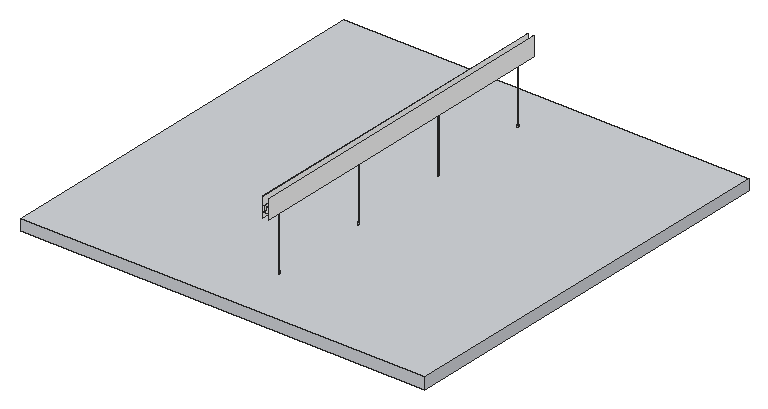
Revit family "Zumtobel SUPERSYSTEM II Track H", category Lighting Fixtures, host Face, Revit 2016
Family settings
  Host = Face
  Part Type = Normal
  Round Connector Dimension = Use Diameter
  OmniClass Number = 23.80.70.11
  OmniClass Title = Luminaries for Internal Lighting
  Cut with Voids When Loaded = No
  Light Source = No
  Shared = No
  Room Calculation Point = No
Parameters (values of type "SUI 3 TRACK H 2M")
  URL = "http://www.zumtobel.com/S2801260"
  Type Comments = "© Zumtobel. We reserve the right to make technical changes without prior notice."  # constant formula
  Track Width = 56.00 mm
  Track Height = 114.00 mm
  Track Distance [instance] = if(Surface Mount, Track Height / 2, Suspension Height - Track Height / 2)  # 370.00 mm
  Suspension Visible [instance] = not(Surface Mount)  # yes
  Suspension Height Value [instance] = if(Surface Mount, 200.00 mm, Suspension Height)  # 427.00 mm
  Suspension Height [instance] = 427.00 mm
  Suspension Distance [instance] = (Length - 200.00 mm) / Number of Suspensions  # 450.00 mm
  Surface Mount [instance] = no
  Number of Suspensions [instance] = 4
  Model = "S2801260"
  Manufacturer = "Zumtobel Lighting"  # constant formula
  Length = 2000.00 mm
  Lamp = ""
  Emit Shape Visible in Rendering = no
  Description = "SUI 3PH/L3+DALI Track"
  Suspension [instance] = Zumtobel_Metal_Aluminium
  Apparent Load = 0 VA
  Default Elevation = 0.00 mm
  Assembly Code = "D5020200"
  Track [instance] = Zumtobel_Metal_White
Types (4, lengths in mm): name | URL | Track Width | Track Height | Track Distance | Suspension Visible | Suspension Height Value | Suspension Height | Suspension Distance | Surface Mount | Model | Length | Description
  SUP2 TRACK H 3M | "http://www.zumtobel.com/22169717" | 26.00 | 60.00 | 470.00 | yes | 500.00 | 500.00 | 950.00 | no | "22169717" | 4000.00 | "SUP2 Track"
  SUP2 TRACK H 2M | "http://www.zumtobel.com/22169720" | 26.00 | 60.00 | 370.00 | yes | 400.00 | 400.00 | 450.00 | no | "22169720" | 2000.00 | "SUP2 Track"
  SUP2 TRACK H 4M | "http://www.zumtobel.com/22169715" | 26.00 | 60.00 | 30.00 | no | 200.00 | 500.00 | 950.00 | yes | "22169715" | 4000.00 | "SUP2 Track"
  SUI 3 TRACK H 2M | "http://www.zumtobel.com/S2801260" | 56.00 | 114.00 | 370.00 | yes | 427.00 | 427.00 | 450.00 | no | "S2801260" | 2000.00 | "SUI 3PH/L3+DALI Track"
Reference planes
  plane 1 "Center (Front/Back)": y = -250
  plane 2 "Top": z = 0
  plane 3: z = 427
  plane 4 "Right": y = -1250
  plane 5 "Left": y = 750
  plane 6: y = -1150
  plane 7: y = 650
  plane 8 "Center (Left/Right)": x = -239.2
  plane 9: y = -1247.5
  plane 10: y = 747.5
  plane 11 "Axis": z = 370
  plane 12: z = 400
  plane 13: z = 340
Forms (mm)
  Extrusion 1, solid
    sketch origin (0, 0, 0) x (1, 0, 0) y (0, 1, 0)
      loop
        line (-1519.2, 939.2) -> (-1519.2, -1499.2) -> (919.2, -1499.2) -> (919.2, 939.2) -> (-1519.2, 939.2)
    from 0 to -66.193
  Sweep 2, solid, material "Zumtobel_Metal_White" <- "Track"
    path origin (0, 0, 370) x (0, 1, 0) y (-1, 0, 0)
      loop
        line (750, 239.2) -> (-1250, 239.2)
    profile "Profile H Track : Profile H Track" origin (-239.2, -250, 370) x (1, 0, 0) y (0, 0, 1)
      loop
        line (17, 0) -> (17, -30) -> (19, -30) -> (19, 84) -> (17, 84) -> (17, 34) -> (8, 34) -> (8, 9) -> (-8, 9) -> (-8, 34) -> (-17, 34) -> (-17, 84) -> (-19, 84) -> (-19, -30) -> (-17, -30) -> (-17, 0) -> (17, 0)
Dimensions and locks
  locked: plane 5 "Left" to plane 7 at 100
  locked: plane 6 to plane 4 "Right" at 100
  "Length": plane 5 "Left" to plane 4 "Right"
  equal spacing: plane 5 "Left", plane 1 "Center (Front/Back)", plane 4 "Right"
  equal spacing: group 1, group 3, group 4, group 2  (x2)
  equal spacing: group 2, group 4, group 3, group 1
  locked: plane 9 to plane 4 "Right" at 2.5
  locked: plane 5 "Left" to plane 10 at 2.5
  "Track Distance": plane 11 "Axis" to plane 2 "Top"
  locked: plane 12 to plane 11 "Axis" at 30
  locked: plane 11 "Axis" to plane 13 at 30
  aligned and locked: plane 2 "Top" to Extrusion 1
  aligned and locked: level to Extrusion 1
  aligned and locked: plane 7 to nested 1
  aligned and locked: nested 2 to plane 6
  aligned and locked: plane 4 "Right" to Sweep 2 sketch curve
  aligned and locked: plane 5 "Left" to Sweep 2 sketch curve
  aligned and locked: Sweep 2 sketch curve to plane 8 "Center (Left/Right)"
Automatic sketch dimensions
  Extrusion 1 sketch curve to Extrusion 1 sketch curve = 2438.40 mm  (x2)
Nested families
  nested 1: "Zumtobel Suspension" at (-239.2, 650, 0) x (1, 0, 0) z (0, 0, -1), Suspension <- "Suspension", visible <- "Suspension Visible", type "Zumtobel Suspension"
    with Suspension Zumtobel_Metal_Aluminium
  nested 2: "Zumtobel Suspension" at (-239.2, -1150, 0) x (1, 0, 0) z (0, 0, -1), Suspension <- "Suspension", visible <- "Suspension Visible", type "Zumtobel Suspension"
    with Suspension Zumtobel_Metal_Aluminium
  nested 3: "Zumtobel Suspension" at (-239.2, 50, 0) x (1, 0, 0) z (0, 0, -1), Suspension <- "Suspension", visible <- "Suspension Visible", type "Zumtobel Suspension"
    with Suspension Zumtobel_Metal_Aluminium
  nested 4: "Zumtobel Suspension" at (-239.2, -550, 0) x (1, 0, 0) z (0, 0, -1), Suspension <- "Suspension", visible <- "Suspension Visible", type "Zumtobel Suspension"
    with Suspension Zumtobel_Metal_Aluminium
Definition of nested family "Zumtobel Suspension"
  Parameters (values of type "Zumtobel Suspension")
    Track Height = 60.00 mm
    Suspension Height = 400.00 mm
    Suspension [instance] = none
    Emit Shape Visible in Rendering = no
    Default Elevation = 0.00 mm
    Assembly Code = ""
  Reference planes
    plane 1 "Light Source Axis (F/B)": y = 0
    plane 2: z = 0
    plane 3 "Center (Front/Back)": x = 0
    plane 4 "Bottom": z = -400
    plane 5 "Top Fitting": z = -370
    plane 6: z = -430
  Forms (mm)
    Extrusion 1, solid, material <- "Suspension"
      sketch origin (0, 0, 0) x (1, 0, 0) y (0, 1, 0)
        loop
          circle (0, 0) r 2.6
      from 0 to -13
    Extrusion 2, solid, material <- "Suspension"
      sketch origin (0, 0, -320) x (1, 0, 0) y (0, 1, 0)
        loop
          circle (0, 0) r 1
      from 320 to -50
    Extrusion 3, solid, material <- "Suspension"
      sketch origin (0, 0, -370) x (-1, 0, 0) y (0, -1, 0)
        loop
          circle (0, 0) r 2
      from 0 to 15
  Cuts and joins
    joined: Extrusion 1, Extrusion 2, Extrusion 3
  Dimensions and locks
    "Suspension Height": plane 2 to plane 4 "Bottom"
    equal spacing: plane 5 "Top Fitting", plane 4 "Bottom", plane 6
    "Track Height": plane 5 "Top Fitting" to plane 6
    aligned and locked: Extrusion 2 to plane 5 "Top Fitting"
    aligned and locked: plane 2 to Extrusion 2
  Automatic sketch dimensions
    plane 1 "Light Source Axis (F/B)" to Extrusion 1 sketch curve = 0.00 mm
    Extrusion 1 sketch curve to plane 3 "Center (Front/Back)" = 0.00 mm
    plane 1 "Light Source Axis (F/B)" to Extrusion 2 sketch curve = 0.00 mm
    Extrusion 2 sketch curve to plane 3 "Center (Front/Back)" = 0.00 mm
    plane 1 "Light Source Axis (F/B)" to Extrusion 3 sketch curve = 0.00 mm
    Extrusion 3 sketch curve to plane 3 "Center (Front/Back)" = 0.00 mm
    radius of Extrusion 1 sketch curve = 2.60 mm
    radius of Extrusion 2 sketch curve = 1.00 mm
    radius of Extrusion 3 sketch curve = 2.00 mm
